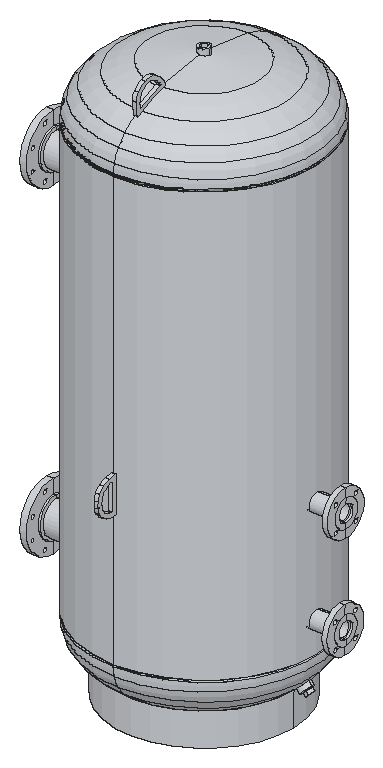
Revit family "HBT-210-24", category Generic Models, Revit 2014
Parameters (values of type "HBT-210-22")
  height [instance] = 75"
  URL = "http://westank.com/"
  Tank Volume = 210 gal
  Part Number = 55642122
  Model = "HBT-210-22"
  Maximum Shipping Weight = 408 lbf
  G = 14"
  F = 28"
  E = 58"
  Description = "Wessels ASME 4 Port Hot Water Buffer Tanks (HBT) are designed for use with today’s high efficiency systems that incorporate small modular low-mass boiler."
  D = 76 1/2"
  C = 30"
  B = 4"
  A = 2"
Reference planes (in)
  plane 1 "Center (Front/Back)": y = 0
  plane 2: z = 0
  plane 3 "Center (Left/Right)": x = 0
  plane 4: through (12.55282, -180, 5.24135) normal (0.8192, 0, -0.5736)
  plane 5: x = -15
  plane 6: x = 15
  plane 7: z = 0
  plane 8: y = 15
  plane 9: y = -15
  plane 10: x = -12
  plane 11: x = 12
  plane 12: z = 76.5
  plane 13: z = 58
  plane 14: z = 28
  plane 15: z = 14
Forms (in)
  Revolve 1, solid
    sketch origin (0, -0.02461, 0) x (0, 1, 0) y (0, 0, 1)
      loop
        line (-14.97539, 9.87397) -> (-14.812, 9.87397)
        arc (-14.812, 9.87397) -> (-14.83596, 9.78454) -> (-14.90143, 9.71907) r 0.17887
        arc (-14.90143, 9.71907) -> (-14.94991, 9.64836) -> (-14.97579, 9.56662) r 0.29232
        arc (-14.97579, 9.56662) -> (-14.96586, 8.98455) -> (-14.89468, 8.40676) r 5.51955
        arc (-14.89468, 8.40676) -> (-14.65184, 7.56116) -> (-14.23912, 6.78419) r 4.22443
        arc (-14.23912, 6.78419) -> (-13.71208, 6.0842) -> (-13.11424, 5.44361) r 8.30764
        arc (-13.11424, 5.44361) -> (-11.99363, 4.5369) -> (-10.73315, 3.83755) r 8.30764
        arc (-10.73315, 3.83755) -> (-9.02248, 3.06195) -> (-7.23223, 2.49367) r 15.88746
        arc (-7.23223, 2.49367) -> (-3.63165, 1.79117) -> (0.02461, 1.49214) r 33.04234
        line (0.02461, 1.49214) -> (0.02461, 1.66407)
        arc (0.02461, 1.66407) -> (-3.61037, 1.96174) -> (-7.19, 2.66027) r 32.87047
        arc (-7.19, 2.66027) -> (-8.96351, 3.22342) -> (-10.65802, 3.99223) r 15.71558
        arc (-10.65802, 3.99223) -> (-11.8952, 4.67783) -> (-12.99495, 5.56734) r 8.13577
        arc (-12.99495, 5.56734) -> (-13.58042, 6.19468) -> (-14.09655, 6.88019) r 8.13577
        arc (-14.09655, 6.88019) -> (-14.49248, 7.62554) -> (-14.72544, 8.43674) r 4.05256
        arc (-14.72544, 8.43674) -> (-14.79395, 8.9901) -> (-14.80447, 9.54759) r 5.34767
        arc (-14.80447, 9.54759) -> (-14.7971, 9.56945) -> (-14.78569, 9.5895) r 0.12044
        arc (-14.78569, 9.5895) -> (-14.67439, 9.72277) -> (-14.64064, 9.89308) r 0.35074
        line (-14.64064, 9.89308) -> (-14.84715, 9.89308) -> (-14.84715, 68.08845) -> (-14.64151, 68.08845)
        arc (-14.64151, 68.08845) -> (-14.67184, 68.26539) -> (-14.78573, 68.40415) r 0.35074
        arc (-14.78573, 68.40415) -> (-14.79712, 68.42419) -> (-14.80449, 68.44604) r 0.12045
        arc (-14.80449, 68.44604) -> (-14.79397, 69.00353) -> (-14.72546, 69.55689) r 5.34768
        arc (-14.72546, 69.55689) -> (-14.4925, 70.36809) -> (-14.09657, 71.11345) r 4.05257
        arc (-14.09657, 71.11345) -> (-13.58043, 71.79896) -> (-12.99497, 72.42629) r 8.13578
        arc (-12.99497, 72.42629) -> (-11.89524, 73.3158) -> (-10.65807, 74.00139) r 8.13578
        arc (-10.65807, 74.00139) -> (-8.96355, 74.7702) -> (-7.19005, 75.33334) r 15.71558
        arc (-7.19005, 75.33334) -> (-3.61055, 76.03185) -> (0.02429, 76.32953) r 32.87045
        line (0.02429, 76.32953) -> (0.02429, 76.50327)
        arc (0.02429, 76.50327) -> (-3.63245, 76.20423) -> (-7.2335, 75.50163) r 33.04334
        arc (-7.2335, 75.50163) -> (-9.02402, 74.93324) -> (-10.73493, 74.15749) r 15.88853
        arc (-10.73493, 74.15749) -> (-11.99625, 73.45773) -> (-13.11754, 72.55039) r 8.30893
        arc (-13.11754, 72.55039) -> (-13.7162, 71.90895) -> (-14.24389, 71.20796) r 8.30923
        arc (-14.24389, 71.20796) -> (-14.65697, 70.43051) -> (-14.90005, 69.58436) r 4.22701
        arc (-14.90005, 69.58436) -> (-14.97148, 69.00383) -> (-14.98111, 68.419) r 5.52257
        arc (-14.98111, 68.419) -> (-14.95423, 68.33262) -> (-14.90267, 68.25829) r 0.29803
        arc (-14.90267, 68.25829) -> (-14.837, 68.19126) -> (-14.81302, 68.10054) r 0.18362
        line (-14.81302, 68.10054) -> (-14.97539, 68.10054) -> (-14.97539, 9.87397)
      axis (0.02461, 1.49214) -> (0.02461, 76.50327)
    angle from 0 to 360
  Revolve 2, solid
    sketch origin (-1.82085, 0, 2.88409) x (0.981353, 0, -0.192215) y (0.192215, 0, 0.981353)
      loop
        line (14.71753, 6.11956) -> (14.66586, 6.1556) -> (14.25436, 5.56561) -> (14.86992, 5.13627) -> (15.24588, 5.6753) -> (15.19462, 5.71106) -> (15.31904, 5.88945) -> (14.80641, 6.24699) -> (14.71753, 6.11956)
      axis (14.25436, 5.56561) -> (14.86992, 5.13627)
    angle from 0 to 360
  Extrusion 3, solid
    sketch origin (13.38203, -180, 6.13049) x (0.718765, 0, 0.695254) y (0, -1, 0)
      loop
        line (-0.16036, -179.52645) -> (-0.95521, -179.68698) -> (-0.79485, -180.48095) -> (0, -180.32042) -> (-0.16036, -179.52645)
    from 1.02698 to 1.52678
  Extrusion 4, solid
    sketch origin (0, -3.06035, 6.47257) x (0, 1, 0) y (0, 0, 1)
      loop
        line (-11.93439, 21.33067) -> (-11.93439, 26.202)
        arc (-11.93439, 26.202) -> (-12.47846, 26.15164) -> (-13.01533, 26.05008) r 5.77422
        arc (-13.01533, 26.05008) -> (-13.49297, 25.89754) -> (-13.94252, 25.67548) r 3.35288
        arc (-13.94252, 25.67548) -> (-14.34081, 25.36666) -> (-14.64962, 24.96837) r 2.0073
        arc (-14.64962, 24.96837) -> (-14.80343, 24.58932) -> (-14.88788, 24.18906) r 2.30742
        arc (-14.88788, 24.18906) -> (-14.91277, 23.77188) -> (-14.88788, 23.3547) r 3.50846
        arc (-14.88788, 23.3547) -> (-14.79412, 22.92876) -> (-14.61961, 22.52904) r 2.24053
        arc (-14.61961, 22.52904) -> (-14.27401, 22.08806) -> (-13.80999, 21.77406) r 1.8078
        arc (-13.80999, 21.77406) -> (-13.34321, 21.55591) -> (-12.84107, 21.44044) r 2.44481
        arc (-12.84107, 21.44044) -> (-12.39043, 21.36326) -> (-11.93439, 21.33067) r 4.65484
      loop
        arc (-12.44611, 25.63929) -> (-12.67227, 25.60073) -> (-12.89654, 25.55235) r 5.2625
        arc (-12.89654, 25.55235) -> (-13.30128, 25.42308) -> (-13.68221, 25.23491) r 2.84116
        arc (-13.68221, 25.23491) -> (-13.97364, 25.01013) -> (-14.20134, 24.72098) r 1.49558
        arc (-14.20134, 24.72098) -> (-14.3163, 24.43235) -> (-14.37979, 24.12821) r 1.7957
        arc (-14.37979, 24.12821) -> (-14.40106, 23.77188) -> (-14.37979, 23.41555) r 2.99674
        arc (-14.37979, 23.41555) -> (-14.30745, 23.08689) -> (-14.17279, 22.77846) r 1.72881
        arc (-14.17279, 22.77846) -> (-13.91552, 22.45353) -> (-13.56884, 22.22643) r 1.29608
        arc (-13.56884, 22.22643) -> (-13.1779, 22.0402) -> (-12.75531, 21.94566) r 1.9331
        arc (-12.75531, 21.94566) -> (-12.60126, 21.91347) -> (-12.44611, 21.88716) r 4.14312
        line (-12.44611, 21.88716) -> (-12.44611, 25.63929)
    from -0.24366 to 0.25634
  Extrusion 5, solid
    sketch origin (0, -27.02284, 55.17934) x (0, 0.366501, -0.930418) y (0, 0.930418, 0.366501)
      loop
        arc (-12.0461, 25.71684) -> (-12.27227, 25.67827) -> (-12.49653, 25.62989) r 5.2625
        arc (-12.49653, 25.62989) -> (-12.90127, 25.50063) -> (-13.28221, 25.31246) r 2.84116
        arc (-13.28221, 25.31246) -> (-13.57363, 25.08767) -> (-13.80134, 24.79853) r 1.49558
        arc (-13.80134, 24.79853) -> (-13.9163, 24.50989) -> (-13.97979, 24.20576) r 1.7957
        arc (-13.97979, 24.20576) -> (-14.00105, 23.84943) -> (-13.97979, 23.4931) r 2.99674
        arc (-13.97979, 23.4931) -> (-13.90744, 23.16443) -> (-13.77279, 22.85601) r 1.72881
        arc (-13.77279, 22.85601) -> (-13.51552, 22.53108) -> (-13.16884, 22.30397) r 1.29608
        arc (-13.16884, 22.30397) -> (-12.77789, 22.11774) -> (-12.35531, 22.02321) r 1.9331
        arc (-12.35531, 22.02321) -> (-12.20126, 21.99102) -> (-12.0461, 21.9647) r 4.14312
        line (-12.0461, 21.9647) -> (-12.0461, 25.71684)
      loop
        line (-11.21056, 21.38893) -> (-11.21056, 26.21559)
        arc (-11.21056, 26.21559) -> (-12.19615, 26.22001) -> (-13.14349, 25.94808) r 3.48194
        arc (-13.14349, 25.94808) -> (-13.66357, 25.64991) -> (-14.11481, 25.25524) r 3.03185
        arc (-14.11481, 25.25524) -> (-14.39878, 24.60234) -> (-14.51622, 23.90011) r 2.91879
        arc (-14.51622, 23.90011) -> (-14.4511, 23.22451) -> (-14.20241, 22.59298) r 2.44012
        arc (-14.20241, 22.59298) -> (-13.8323, 22.13222) -> (-13.33474, 21.8133) r 1.83162
        arc (-13.33474, 21.8133) -> (-12.29509, 21.48877) -> (-11.21056, 21.38893) r 5.1769
    from -0.24366 to 0.25634
  Extrusion 6, solid
    sketch origin (0, 0, 4.66708) x (1, 0, 0) y (0, 1, 0)
      loop
        circle (0, 0) r 0.75
      loop
        circle (0, 0) r 0.5
    from 71.36613 to 72.49354
  Extrusion 7, void
    sketch origin (0, 0, 0) x (1, 0, 0) y (0, 1, 0)
      loop
        circle (0, 0) r 0.5
    from 73.75623 to 77.96974
  Revolve 8, solid
    sketch origin (0, 0, 0) x (1, 0, 0) y (0, 0, 1)
      loop
        line (11.87609, 4.44941) -> (11.87609, 0) -> (12, 0) -> (12, 4.44941) -> (11.87609, 4.44941)
      axis (0, 4.44941) -> (0, 0)
    angle from 0 to 360
  Revolve 9, solid
    sketch origin (-7.11882, 0, 1.28348) x (1, 0, 0) y (0, 0, 1)
      loop
        line (24.99382, 11.53157) -> (24.99382, 10.96875) -> (25.24382, 10.96875) -> (25.24382, 9.71837) -> (25.93132, 9.71837) -> (25.93132, 10.90594) -> (25.99382, 10.90594) -> (25.99382, 11.53157) -> (24.99382, 11.53157)
      axis (25.99382, 12.71652) -> (24.99382, 12.71652)
    angle from 0 to 360
  Revolve 10, solid
    sketch origin (-5.17131, 0, 1.5) x (-1, 0, 0) y (0, 0, -1)
      loop
        line (-17.17131, -11.46847) -> (-17.17131, -11.31445) -> (-23.67131, -11.31445) -> (-23.67131, -11.46847) -> (-17.17131, -11.46847)
      axis (-23.67131, -12.5) -> (-17.17131, -12.5)
    angle from 0 to 360
  Extrusion 11, void
    sketch origin (2.87592, 0, 1.00195) x (0, 1, 0) y (0, 0, 1)
      loop
        circle (1.68454, 14.67389) r 0.38273
      loop
        circle (-1.69766, 14.67389) r 0.37635
      loop
        circle (-1.66641, 11.31003) r 0.35289
      loop
        circle (1.70166, 11.31003) r 0.37084
    from 13.49462 to 18.49167
  Revolve 12, solid
    sketch origin (-7.05645, 0, 15.28348) x (1, 0, 0) y (0, 0, 1)
      loop
        line (24.99382, 11.53157) -> (24.99382, 10.96875) -> (25.24382, 10.96875) -> (25.24382, 9.71837) -> (25.93132, 9.71837) -> (25.93132, 10.90594) -> (25.99382, 10.90594) -> (25.99382, 11.53157) -> (24.99382, 11.53157)
      axis (25.99382, 12.71652) -> (24.99382, 12.71652)
    angle from 0 to 360
  Revolve 13, solid
    sketch origin (-5.10894, 0, 15.5) x (-1, 0, 0) y (0, 0, -1)
      loop
        line (-17.17131, -11.46847) -> (-17.17131, -11.31445) -> (-23.67131, -11.31445) -> (-23.67131, -11.46847) -> (-17.17131, -11.46847)
      axis (-23.67131, -12.5) -> (-17.17131, -12.5)
    angle from 0 to 360
  Extrusion 14, void
    sketch origin (2.93829, 0, 15.00195) x (0, 1, 0) y (0, 0, 1)
      loop
        circle (1.68454, 14.67389) r 0.38273
      loop
        circle (-1.69766, 14.67389) r 0.37635
      loop
        circle (-1.66641, 11.31003) r 0.35289
      loop
        circle (1.70166, 11.31003) r 0.37084
    from 13.49462 to 18.49167
  Extrusion 15, void
    sketch origin (0.96338, 0, 4.24902) x (0, 1, 0) y (0, 0, 1)
      loop
        circle (0, 23.75098) r 1.03153
    from 10.06157 to 17.27456
  Extrusion 16, void
    sketch origin (0, 0.03125, -1) x (0, 1, 0) y (0, 0, -1)
      loop
        circle (1.41194, -18.46116) r 0.39528
      loop
        circle (-1.48216, -18.49179) r 0.36756
      loop
        circle (-3.49908, -16.427) r 0.3574
      loop
        circle (-3.54543, -13.60383) r 0.30655
      loop
        circle (-1.46836, -11.53644) r 0.36497
      loop
        circle (1.42021, -11.50824) r 0.37383
      loop
        circle (3.46604, -13.56204) r 0.36477
      loop
        circle (3.43053, -16.44163) r 0.37216
    from 16.01613 to 23.68526
  Revolve 17, solid
    sketch origin (2.37971, 0, -0.50137) x (-1, 0, 0) y (0, 0, 1)
      loop
        line (22.06921, 12.25118) -> (22.06921, 11.84382) -> (22.44538, 11.84382) -> (22.44538, 9.99677) -> (23.31921, 9.99677) -> (23.31921, 11.40623) -> (23.38171, 11.40623) -> (23.38171, 12.25118) -> (22.06921, 12.25118)
      axis (23.38171, 14.50013) -> (22.06921, 14.50013)
    angle from 0 to 360
  Revolve 18, solid
    sketch origin (2.37971, 0, -0.50137) x (1, 0, 0) y (0, 0, 1)
      loop
        line (-16.50671, 12.48708) -> (-23.00671, 12.48708) -> (-23.00671, 12.24889) -> (-16.50671, 12.24889) -> (-16.50671, 12.48708)
      axis (-23.00671, 14.50013) -> (-16.50671, 14.50013)
    angle from 0 to 360
  Extrusion 19, void
    sketch origin (0.00049, 0.03125, 43.00248) x (0, 1, 0) y (0, 0, -1)
      loop
        circle (1.41194, -18.46116) r 0.39528
      loop
        circle (-1.48216, -18.49179) r 0.36756
      loop
        circle (-3.49908, -16.427) r 0.3574
      loop
        circle (-3.54543, -13.60383) r 0.30655
      loop
        circle (-1.46836, -11.53644) r 0.36497
      loop
        circle (1.42021, -11.50824) r 0.37383
      loop
        circle (3.46604, -13.56204) r 0.36477
      loop
        circle (3.43053, -16.44163) r 0.37216
    from 16.01613 to 23.68526
  Revolve 20, solid
    sketch origin (2.38019, 0, 43.50111) x (-1, 0, 0) y (0, 0, 1)
      loop
        line (22.06921, 12.25118) -> (22.06921, 11.84382) -> (22.44538, 11.84382) -> (22.44538, 9.99677) -> (23.31921, 9.99677) -> (23.31921, 11.40623) -> (23.38171, 11.40623) -> (23.38171, 12.25118) -> (22.06921, 12.25118)
      axis (23.38171, 14.50013) -> (22.06921, 14.50013)
    angle from 0 to 360
  Revolve 21, solid
    sketch origin (2.38019, 0, 43.50111) x (1, 0, 0) y (0, 0, 1)
      loop
        line (-16.50671, 12.48708) -> (-23.00671, 12.48708) -> (-23.00671, 12.24889) -> (-16.50671, 12.24889) -> (-16.50671, 12.48708)
      axis (-23.00671, 14.50013) -> (-16.50671, 14.50013)
    angle from 0 to 360
  Extrusion 22, void
    sketch origin (0.96338, 0, -9.75098) x (0, 1, 0) y (0, 0, 1)
      loop
        circle (0, 23.75098) r 1.03153
    from 10.06157 to 17.27456
  Extrusion 23, void
    sketch origin (0, 0, 0) x (0, 1, 0) y (0, 0, 1)
      loop
        circle (0, 58.00124) r 2.01305
    from -20.627 to -8.6064
  Extrusion 24, void
    sketch origin (0, 0, -44) x (0, 1, 0) y (0, 0, 1)
      loop
        circle (0, 58.00124) r 2.01305
    from -20.627 to -8.6064
Cuts and joins
  joined: Extrusion 3, Extrusion 4, Extrusion 5, Extrusion 6, Revolve 8
  Extrusion 7, Extrusion 15, Extrusion 22, Extrusion 23, Extrusion 24 cuts Revolve 1
  Extrusion 11 cuts Revolve 9
  Extrusion 14 cuts Revolve 12
  Extrusion 15, Extrusion 22 cuts Revolve 13
  Extrusion 16 cuts Revolve 17
  Extrusion 19 cuts Revolve 20
  Extrusion 24 cuts Revolve 21
Dimensions and locks (in)
  "D": plane 12 to level
  "E": plane 13 to plane 7
  "F": plane 14 to plane 7
  "G": plane 15 to plane 7
  "C": plane 6 to plane 5
  aligned and locked: plane 2 to level
  aligned and locked: Revolve 8 sketch curve to plane 3 "Center (Left/Right)"
Automatic sketch dimensions
  Revolve 1 sketch curve to Revolve 1 sketch curve = 0"  (x33)
  Revolve 1 sketch curve to plane 9 = 0"
  Revolve 1 sketch curve to plane 1 "Center (Front/Back)" = 0"  (x2)
  Revolve 1 sketch curve to Revolve 1 sketch curve = 0.01547"
  plane 9 to Revolve 1 sketch curve = 0.01547"
  Revolve 1 sketch curve to Revolve 1 sketch curve = 0.00578"
  Revolve 1 sketch curve to plane 9 = 0.12824"
  Revolve 1 sketch curve to Revolve 1 sketch curve = 0.03413"
  Revolve 1 sketch curve to Revolve 1 sketch curve = 9/256"
  Revolve 1 sketch curve to plane 9 = 0.28821"
  Revolve 1 sketch curve to plane 9 = 0.28822"
  Revolve 1 sketch curve to Revolve 1 sketch curve = 0.00078"
  Revolve 1 sketch curve to Revolve 1 sketch curve = 0.17151"
  Revolve 1 sketch curve to Revolve 1 sketch curve = 0.17135"
  Revolve 1 sketch curve to Revolve 1 sketch curve = 3.94929"
  Revolve 1 sketch curve to Revolve 1 sketch curve = 0.00287"
  Revolve 1 sketch curve to Revolve 1 sketch curve = 3.95216"
  Revolve 1 sketch curve to Revolve 1 sketch curve = 1.2728"
  Revolve 1 sketch curve to Revolve 1 sketch curve = 0.00246"
  Revolve 1 sketch curve to Revolve 1 sketch curve = 1.27526"
  Revolve 1 sketch curve to Revolve 1 sketch curve = 2.11145"
  Revolve 1 sketch curve to Revolve 1 sketch curve = 0.00084"
  Revolve 1 sketch curve to Revolve 1 sketch curve = 0.00187"
  Revolve 1 sketch curve to Revolve 1 sketch curve = 2.11171"
  plane 1 "Center (Front/Back)" to Revolve 1 sketch curve = 3.35442"
  Revolve 1 sketch curve to Revolve 1 sketch curve = 0.00082"
  plane 1 "Center (Front/Back)" to Revolve 1 sketch curve = 3.35353"
  plane 1 "Center (Front/Back)" to Revolve 1 sketch curve = 0.00031"
  Revolve 1 sketch curve to plane 1 "Center (Front/Back)" = 0.86039"
  Revolve 1 sketch curve to Revolve 1 sketch curve = 0.00067"
  Revolve 1 sketch curve to plane 1 "Center (Front/Back)" = 0.86116"
  level to Revolve 1 sketch curve = 1.49214"
  Revolve 1 sketch curve to Revolve 1 sketch curve = 0.17193"
  Revolve 1 sketch curve to plane 15 = 4.85634"
  Revolve 1 sketch curve to Revolve 1 sketch curve = 0.22592"
  Revolve 1 sketch curve to Revolve 1 sketch curve = 0.37656"
  Revolve 1 sketch curve to Revolve 1 sketch curve = 0.35376"
  Revolve 1 sketch curve to Revolve 1 sketch curve = 0.01911"  (x2)
  Revolve 1 sketch curve to plane 15 = 2.57575"
  plane 15 to Revolve 1 sketch curve = 3.89417"
  plane 14 to Revolve 1 sketch curve = 6.52326"
  Revolve 1 sketch curve to Revolve 1 sketch curve = 8.94711"
  Revolve 1 sketch curve to Revolve 1 sketch curve = 0.00077"
  plane 13 to Revolve 1 sketch curve = 2.09944"
  Revolve 1 sketch curve to Revolve 1 sketch curve = 0.00068"
  Revolve 1 sketch curve to Revolve 1 sketch curve = 6.46799"
  Revolve 1 sketch curve to Revolve 1 sketch curve = 0.00123"
  Revolve 1 sketch curve to Revolve 1 sketch curve = 0.00005"
  Revolve 1 sketch curve to Revolve 1 sketch curve = 1.52034"
  Revolve 1 sketch curve to Revolve 1 sketch curve = 0.01209"
  Revolve 1 sketch curve to Revolve 1 sketch curve = 0.3749"
  Revolve 1 sketch curve to Revolve 1 sketch curve = 0.01007"
  Revolve 1 sketch curve to Revolve 1 sketch curve = 2.05124"
  Revolve 1 sketch curve to Revolve 1 sketch curve = 0.00348"
  Revolve 1 sketch curve to Revolve 1 sketch curve = 0.2261"
  Revolve 1 sketch curve to Revolve 1 sketch curve = 0.0033"
  Revolve 1 sketch curve to plane 12 = 0.17047"
  plane 12 to Revolve 1 sketch curve = 0.00327"
  plane 9 to Revolve 1 sketch curve = 0.0004"
  plane 9 to Revolve 1 sketch curve = 0.00572"
  Revolve 1 sketch curve to plane 9 = 0.07272"
  Revolve 1 sketch curve to plane 9 = 0.07396"
  Revolve 1 sketch curve to Revolve 1 sketch curve = 0.11808"
  Revolve 1 sketch curve to Revolve 1 sketch curve = 0.11729"
  Revolve 1 sketch curve to Revolve 1 sketch curve = 0.01876"
  Revolve 1 sketch curve to Revolve 1 sketch curve = 0.01878"
  Revolve 1 sketch curve to Revolve 1 sketch curve = 0.14732"
  Revolve 1 sketch curve to Revolve 1 sketch curve = 0.97903"
  Revolve 1 sketch curve to Revolve 1 sketch curve = 0.98231"
  Revolve 1 sketch curve to Revolve 1 sketch curve = 0.12257"
  Revolve 1 sketch curve to Revolve 1 sketch curve = 0.1193"
  Revolve 1 sketch curve to plane 12 = 2.34251"
  Revolve 1 sketch curve to Revolve 1 sketch curve = 2.26179"
  Revolve 1 sketch curve to Revolve 1 sketch curve = 0.07686"
  Revolve 1 sketch curve to Revolve 1 sketch curve = 0.07513"
  plane 14 to Revolve 1 sketch curve = 0.89308"
  Revolve 1 sketch curve to Revolve 1 sketch curve = 1.88017"
  plane 4 to Revolve 2 sketch curve = 0.35169"
  plane 11 to Revolve 2 sketch curve = 1.2375"
  Revolve 2 sketch curve to Revolve 2 sketch curve = 0.4115"
  Revolve 2 sketch curve to Revolve 2 sketch curve = 0.05167"
  Revolve 2 sketch curve to Revolve 2 sketch curve = 0.08888"
  Revolve 2 sketch curve to Revolve 2 sketch curve = 0.61556"
  Revolve 2 sketch curve to Revolve 2 sketch curve = 0.47709"
  Revolve 2 sketch curve to Revolve 2 sketch curve = 0.05126"
  Revolve 2 sketch curve to Revolve 2 sketch curve = 0.42934"
  Revolve 2 sketch curve to Revolve 2 sketch curve = 0.12768"
  Revolve 2 sketch curve to Revolve 2 sketch curve = 0"  (x2)
  Revolve 2 sketch curve to Revolve 2 sketch curve = 0.08905"
  plane 1 "Center (Front/Back)" to Extrusion 3 sketch curve = 0.31302"
  Extrusion 3 sketch curve to plane 1 "Center (Front/Back)" = 0.48095"
  Extrusion 3 sketch curve to Extrusion 3 sketch curve = 0.16036"  (x2)
  plane 1 "Center (Front/Back)" to Extrusion 3 sketch curve = 0.47355"
  Extrusion 3 sketch curve to Extrusion 3 sketch curve = 0.79485"
  Extrusion 3 sketch curve to plane 1 "Center (Front/Back)" = 0.32042"
  Extrusion 4 sketch curve to Extrusion 4 sketch curve = 0"  (x24)
  plane 9 to Extrusion 4 sketch curve = 1.10144"
  Extrusion 4 sketch curve to Extrusion 4 sketch curve = 0.11966"
  Extrusion 4 sketch curve to Extrusion 4 sketch curve = 0.25819"
  Extrusion 4 sketch curve to Extrusion 4 sketch curve = 17/256"
  Extrusion 4 sketch curve to Extrusion 4 sketch curve = 0.04958"
  plane 9 to Extrusion 4 sketch curve = 0.50646"
  plane 9 to Extrusion 4 sketch curve = 0.29731"
  Extrusion 4 sketch curve to plane 9 = 0.00526"
  Extrusion 4 sketch curve to plane 9 = 0.10864"
  Extrusion 4 sketch curve to plane 9 = 0.26481"
  Extrusion 4 sketch curve to plane 9 = 0.53533"
  Extrusion 4 sketch curve to plane 14 = 1.09381"
  Extrusion 4 sketch curve to plane 14 = 0.19675"
  plane 14 to Extrusion 4 sketch curve = 0.35973"
  Extrusion 4 sketch curve to Extrusion 4 sketch curve = 0.90165"
  Extrusion 4 sketch curve to Extrusion 4 sketch curve = 0.62139"
  Extrusion 4 sketch curve to Extrusion 4 sketch curve = 27/128"
  Extrusion 4 sketch curve to Extrusion 4 sketch curve = 0.15076"
  Extrusion 4 sketch curve to Extrusion 4 sketch curve = 0.24641"
  Extrusion 4 sketch curve to Extrusion 4 sketch curve = 0.04716"
  Extrusion 4 sketch curve to Extrusion 4 sketch curve = 0.0326"
  Extrusion 4 sketch curve to Extrusion 4 sketch curve = 1.7246"
  Extrusion 4 sketch curve to Extrusion 4 sketch curve = 0.34507"
  Extrusion 4 sketch curve to Extrusion 4 sketch curve = 0.21764"
  plane 14 to Extrusion 4 sketch curve = 0.699"
  Extrusion 4 sketch curve to Extrusion 4 sketch curve = 1.12273"
  Extrusion 4 sketch curve to Extrusion 4 sketch curve = 0.78568"
  plane 14 to Extrusion 4 sketch curve = 0.24664"
  Extrusion 4 sketch curve to Extrusion 4 sketch curve = 0.24115"
  Extrusion 4 sketch curve to Extrusion 4 sketch curve = 0.2603"
  Extrusion 4 sketch curve to Extrusion 4 sketch curve = 0.51913"
  Extrusion 4 sketch curve to Extrusion 4 sketch curve = 0.44829"
  Extrusion 5 sketch curve to plane 12 = 0.95088"
  Extrusion 5 sketch curve to plane 9 = 5.19759"
  Extrusion 5 sketch curve to Extrusion 5 sketch curve = 0.03301"
  Extrusion 5 sketch curve to Extrusion 5 sketch curve = 0.08665"
  Extrusion 5 sketch curve to Extrusion 5 sketch curve = 0.34483"
  Extrusion 5 sketch curve to Extrusion 5 sketch curve = 17/256"
  Extrusion 5 sketch curve to Extrusion 5 sketch curve = 0.04958"
  Extrusion 5 sketch curve to Extrusion 5 sketch curve = 0.06885"
  Extrusion 5 sketch curve to Extrusion 5 sketch curve = 0.15073"
  Extrusion 5 sketch curve to Extrusion 5 sketch curve = 0.36028"
  Extrusion 5 sketch curve to Extrusion 5 sketch curve = 0.06601"
  Extrusion 5 sketch curve to Extrusion 5 sketch curve = 0.11815"
  Extrusion 5 sketch curve to Extrusion 5 sketch curve = 0.47821"
  Extrusion 5 sketch curve to Extrusion 5 sketch curve = 0.6151"
  Extrusion 5 sketch curve to Extrusion 5 sketch curve = 0.15011"
  Extrusion 5 sketch curve to Extrusion 5 sketch curve = 0.77126"
  Extrusion 5 sketch curve to Extrusion 5 sketch curve = 0.22045"
  Extrusion 5 sketch curve to Extrusion 5 sketch curve = 0.59588"
  Extrusion 5 sketch curve to Extrusion 5 sketch curve = 0.3061"
  Extrusion 5 sketch curve to Extrusion 5 sketch curve = 0.31529"
  Extrusion 5 sketch curve to Extrusion 5 sketch curve = 0.0954"
  Extrusion 5 sketch curve to Extrusion 5 sketch curve = 0.80625"
  Extrusion 5 sketch curve to Extrusion 5 sketch curve = 0.57577"
  Extrusion 5 sketch curve to Extrusion 5 sketch curve = 0.87777"
  Extrusion 5 sketch curve to Extrusion 5 sketch curve = 0.00686"
  Extrusion 5 sketch curve to Extrusion 5 sketch curve = 0.20406"
  Extrusion 5 sketch curve to Extrusion 5 sketch curve = 0.59172"
  Extrusion 5 sketch curve to Extrusion 5 sketch curve = 0.09548"
  Extrusion 5 sketch curve to Extrusion 5 sketch curve = 0.07607"
  Extrusion 5 sketch curve to Extrusion 5 sketch curve = 0.15093"
  Extrusion 5 sketch curve to Extrusion 5 sketch curve = 0.04716"
  Extrusion 5 sketch curve to Extrusion 5 sketch curve = 0.0326"
  Extrusion 5 sketch curve to Extrusion 5 sketch curve = 1.7246"
  Extrusion 5 sketch curve to Extrusion 5 sketch curve = 0.34507"
  Extrusion 5 sketch curve to Extrusion 5 sketch curve = 0.15369"
  Extrusion 5 sketch curve to Extrusion 5 sketch curve = 0.34976"
  Extrusion 5 sketch curve to Extrusion 5 sketch curve = 0"  (x6)
  Extrusion 5 sketch curve to Extrusion 5 sketch curve = 0.1659"
  Extrusion 5 sketch curve to Extrusion 5 sketch curve = 0.13872"
  Extrusion 5 sketch curve to Extrusion 5 sketch curve = 0.42962"
  Extrusion 5 sketch curve to Extrusion 5 sketch curve = 0.51913"
  Extrusion 5 sketch curve to Extrusion 5 sketch curve = 0.31348"
  Extrusion 6 sketch curve to Extrusion 6 sketch curve = 0"  (x2)
  plane 1 "Center (Front/Back)" to Extrusion 6 sketch curve = 0"
  Extrusion 6 sketch curve to plane 3 "Center (Left/Right)" = 0"
  Extrusion 7 sketch curve to Extrusion 7 sketch curve = 0"  (x2)
  plane 1 "Center (Front/Back)" to Extrusion 7 sketch curve = 0"
  Extrusion 7 sketch curve to plane 3 "Center (Left/Right)" = 0"
  Extrusion 7 sketch curve to plane 3 "Center (Left/Right)" = 1/2"
  Revolve 8 sketch curve to level = 0"
  Revolve 8 sketch curve to plane 11 = 0"
  Revolve 8 sketch curve to plane 11 = 0.12391"
  level to Revolve 8 sketch curve = 4.44941"
  level to Revolve 8 sketch curve = 4.69941"
  Revolve 8 sketch curve to Revolve 8 sketch curve = 1"
  Revolve 9 sketch curve to plane 15 = 0"
  Revolve 9 sketch curve to plane 11 = 0"
  plane 6 to Revolve 9 sketch curve = 2 7/8"
  Revolve 9 sketch curve to Revolve 9 sketch curve = 1/4"
  Revolve 9 sketch curve to Revolve 9 sketch curve = 11/16"
  Revolve 9 sketch curve to Revolve 9 sketch curve = 1/16"
  Revolve 9 sketch curve to plane 15 = 1.18495"
  Revolve 9 sketch curve to Revolve 9 sketch curve = 0.56282"
  Revolve 9 sketch curve to Revolve 9 sketch curve = 0.62563"
  Revolve 9 sketch curve to Revolve 9 sketch curve = 1.25038"
  plane 3 "Center (Left/Right)" to Revolve 9 sketch curve = 4 3/4"
  Revolve 10 sketch curve to plane 11 = 0"
  Revolve 10 sketch curve to plane 15 = 0"
  Revolve 10 sketch curve to plane 15 = 1.03153"
  plane 6 to Revolve 10 sketch curve = 3 1/2"
  Revolve 10 sketch curve to Revolve 10 sketch curve = 0.15401"
  Revolve 10 sketch curve to plane 11 = 1/4"
  Revolve 10 sketch curve to Revolve 10 sketch curve = 3/4"
  plane 1 "Center (Front/Back)" to Extrusion 11 sketch curve = 1.69766"
  plane 1 "Center (Front/Back)" to Extrusion 11 sketch curve = 1.66641"
  Extrusion 11 sketch curve to plane 1 "Center (Front/Back)" = 1.68454"
  Extrusion 11 sketch curve to plane 1 "Center (Front/Back)" = 1.70166"
  Extrusion 11 sketch curve to plane 15 = 1.68801"  (x2)
  plane 15 to Extrusion 11 sketch curve = 1.67584"  (x2)
  Revolve 12 sketch curve to plane 14 = 0"
  plane 6 to Revolve 12 sketch curve = 2.93736"
  Revolve 12 sketch curve to Revolve 12 sketch curve = 1/4"
  Revolve 12 sketch curve to Revolve 12 sketch curve = 11/16"
  Revolve 12 sketch curve to Revolve 12 sketch curve = 1/16"
  Revolve 12 sketch curve to plane 14 = 1.18495"
  Revolve 12 sketch curve to Revolve 12 sketch curve = 0.56282"
  Revolve 12 sketch curve to Revolve 12 sketch curve = 0.62563"
  Revolve 12 sketch curve to Revolve 12 sketch curve = 1.25038"
  plane 11 to Revolve 12 sketch curve = 0.06237"
  plane 3 "Center (Left/Right)" to Revolve 12 sketch curve = 4.81237"
  Revolve 13 sketch curve to plane 14 = 0"
  Revolve 13 sketch curve to plane 14 = 1.03153"
  plane 6 to Revolve 13 sketch curve = 3.56237"
  plane 11 to Revolve 13 sketch curve = 0.06237"
  Revolve 13 sketch curve to Revolve 13 sketch curve = 0.15401"
  Revolve 13 sketch curve to plane 11 = 0.18763"
  Revolve 13 sketch curve to Revolve 13 sketch curve = 3/4"
  plane 1 "Center (Front/Back)" to Extrusion 14 sketch curve = 1.69766"
  plane 1 "Center (Front/Back)" to Extrusion 14 sketch curve = 1.66641"
  Extrusion 14 sketch curve to plane 1 "Center (Front/Back)" = 1.68454"
  Extrusion 14 sketch curve to plane 1 "Center (Front/Back)" = 1.70166"
  Extrusion 14 sketch curve to plane 14 = 1.68801"  (x2)
  plane 14 to Extrusion 14 sketch curve = 1.67584"  (x2)
  Extrusion 15 sketch curve to Extrusion 15 sketch curve = 0"  (x2)
  Extrusion 15 sketch curve to plane 1 "Center (Front/Back)" = 0"
  Extrusion 15 sketch curve to plane 14 = 0"
  Extrusion 15 sketch curve to plane 14 = 1.03153"
  Extrusion 16 sketch curve to plane 15 = 1.39617"
  plane 1 "Center (Front/Back)" to Extrusion 16 sketch curve = 3.51418"
  Extrusion 16 sketch curve to Extrusion 16 sketch curve = 0.04634"
  plane 1 "Center (Front/Back)" to Extrusion 16 sketch curve = 1.45091"
  plane 1 "Center (Front/Back)" to Extrusion 16 sketch curve = 1.43711"
  Extrusion 16 sketch curve to plane 1 "Center (Front/Back)" = 1.44319"
  Extrusion 16 sketch curve to plane 1 "Center (Front/Back)" = 1.45146"
  Extrusion 16 sketch curve to Extrusion 16 sketch curve = 2.01859"
  Extrusion 16 sketch curve to plane 15 = 1.43796"
  Extrusion 16 sketch curve to Extrusion 16 sketch curve = 0.03551"
  plane 15 to Extrusion 16 sketch curve = 1.427"
  plane 15 to Extrusion 16 sketch curve = 1.44163"
  Extrusion 16 sketch curve to Extrusion 16 sketch curve = 2 5/256"
  Extrusion 16 sketch curve to Extrusion 16 sketch curve = 2.0648"
  Extrusion 16 sketch curve to Extrusion 16 sketch curve = 2.06739"
  Extrusion 16 sketch curve to Extrusion 16 sketch curve = 0.0282"
  plane 5 to Revolve 17 sketch curve = 4.6895"
  Revolve 17 sketch curve to Revolve 17 sketch curve = 0.37617"
  Revolve 17 sketch curve to Revolve 17 sketch curve = 0.87383"
  Revolve 17 sketch curve to Revolve 17 sketch curve = 1/16"
  plane 15 to Revolve 17 sketch curve = 4.50461"
  Revolve 17 sketch curve to Revolve 17 sketch curve = 1.40947"
  Revolve 17 sketch curve to Revolve 17 sketch curve = 0.43758"
  Revolve 17 sketch curve to Revolve 17 sketch curve = 0.40737"
  plane 15 to Revolve 17 sketch curve = 0.00124"
  Revolve 17 sketch curve to plane 10 = 0.04892"
  Revolve 17 sketch curve to Revolve 17 sketch curve = 0.68278"
  Revolve 18 sketch curve to plane 15 = 2.01429"
  Revolve 18 sketch curve to plane 5 = 5.627"
  plane 5 to Revolve 18 sketch curve = 0.873"
  Revolve 18 sketch curve to Revolve 18 sketch curve = 0.23819"
  Revolve 18 sketch curve to plane 15 = 0.00124"
  Revolve 18 sketch curve to plane 10 = 0.10544"
  plane 10 to Revolve 18 sketch curve = 0.25471"
  Extrusion 19 sketch curve to plane 13 = 1.39369"
  plane 1 "Center (Front/Back)" to Extrusion 19 sketch curve = 3.51418"
  Extrusion 19 sketch curve to Extrusion 19 sketch curve = 0.04634"
  plane 1 "Center (Front/Back)" to Extrusion 19 sketch curve = 1.45091"
  plane 1 "Center (Front/Back)" to Extrusion 19 sketch curve = 1.43711"
  Extrusion 19 sketch curve to plane 1 "Center (Front/Back)" = 1.44319"
  Extrusion 19 sketch curve to plane 1 "Center (Front/Back)" = 1.45146"
  Extrusion 19 sketch curve to Extrusion 19 sketch curve = 2.01859"
  Extrusion 19 sketch curve to plane 13 = 1.43547"
  Extrusion 19 sketch curve to Extrusion 19 sketch curve = 0.03551"
  plane 13 to Extrusion 19 sketch curve = 1.42948"
  plane 13 to Extrusion 19 sketch curve = 1.44411"
  Extrusion 19 sketch curve to Extrusion 19 sketch curve = 2 5/256"
  Extrusion 19 sketch curve to Extrusion 19 sketch curve = 2.0648"
  Extrusion 19 sketch curve to Extrusion 19 sketch curve = 2.06739"
  Extrusion 19 sketch curve to Extrusion 19 sketch curve = 0.0282"
  plane 5 to Revolve 20 sketch curve = 4.68901"
  Revolve 20 sketch curve to Revolve 20 sketch curve = 0.37617"
  Revolve 20 sketch curve to Revolve 20 sketch curve = 0.87383"
  Revolve 20 sketch curve to Revolve 20 sketch curve = 1/16"
  plane 13 to Revolve 20 sketch curve = 4.50212"
  Revolve 20 sketch curve to Revolve 20 sketch curve = 1.40947"
  Revolve 20 sketch curve to Revolve 20 sketch curve = 0.43758"
  Revolve 20 sketch curve to Revolve 20 sketch curve = 0.40737"
  Revolve 20 sketch curve to plane 13 = 0.00124"
  Revolve 20 sketch curve to plane 10 = 0.04941"
  Revolve 20 sketch curve to Revolve 20 sketch curve = 0.68278"
  Revolve 21 sketch curve to plane 13 = 2.01181"
  Revolve 21 sketch curve to plane 5 = 5.62651"
  plane 5 to Revolve 21 sketch curve = 0.87349"
  Revolve 21 sketch curve to Revolve 21 sketch curve = 0.23819"
  plane 13 to Revolve 21 sketch curve = 0.00124"
  Revolve 21 sketch curve to plane 10 = 0.10495"
  plane 10 to Revolve 21 sketch curve = 0.25519"
  Extrusion 22 sketch curve to Extrusion 22 sketch curve = 0"  (x2)
  Extrusion 22 sketch curve to plane 1 "Center (Front/Back)" = 0"
  Extrusion 22 sketch curve to plane 15 = 0"
  Extrusion 22 sketch curve to plane 15 = 1.03153"
  Extrusion 23 sketch curve to Extrusion 23 sketch curve = 0"  (x2)
  Extrusion 23 sketch curve to plane 1 "Center (Front/Back)" = 0"
  plane 13 to Extrusion 23 sketch curve = 0.00124"
  Extrusion 23 sketch curve to plane 13 = 2.01181"
  Extrusion 24 sketch curve to Extrusion 24 sketch curve = 0"  (x2)
  Extrusion 24 sketch curve to plane 1 "Center (Front/Back)" = 0"
  plane 15 to Extrusion 24 sketch curve = 0.00124"
  Extrusion 24 sketch curve to plane 15 = 2.01181"
  radius of Extrusion 6 sketch curve = 3/4"
  radius of Extrusion 6 sketch curve = 1/2"
  radius of Extrusion 11 sketch curve = 0.38273"
  radius of Extrusion 11 sketch curve = 0.37635"
  radius of Extrusion 11 sketch curve = 0.35289"
  radius of Extrusion 11 sketch curve = 0.37084"
  radius of Extrusion 14 sketch curve = 0.38273"
  radius of Extrusion 14 sketch curve = 0.37635"
  radius of Extrusion 14 sketch curve = 0.35289"
  radius of Extrusion 14 sketch curve = 0.37084"
  radius of Extrusion 16 sketch curve = 0.39528"
  radius of Extrusion 16 sketch curve = 0.36756"
  radius of Extrusion 16 sketch curve = 0.3574"
  radius of Extrusion 16 sketch curve = 0.30655"
  radius of Extrusion 16 sketch curve = 0.36497"
  radius of Extrusion 16 sketch curve = 0.37383"
  radius of Extrusion 16 sketch curve = 0.36477"
  radius of Extrusion 16 sketch curve = 0.37216"
  radius of Extrusion 19 sketch curve = 0.39528"
  radius of Extrusion 19 sketch curve = 0.36756"
  radius of Extrusion 19 sketch curve = 0.3574"
  radius of Extrusion 19 sketch curve = 0.30655"
  radius of Extrusion 19 sketch curve = 0.36497"
  radius of Extrusion 19 sketch curve = 0.37383"
  radius of Extrusion 19 sketch curve = 0.36477"
  radius of Extrusion 19 sketch curve = 0.37216"
Connectors (in)
  piping at (18.93737, 0, 28), diameter 2, driven by "A"
    settings: on Revolve 12, index 11, connector inside diameter 24", connector length 0", flow factor 0, pipe flow 0 GPM, pressure drop 0.00 psi, fitting loss kfactor 0, connector angle 0.00°, fixture units 0, engagement length 0", angle of deflection 0.00°, flow configuration 0, flow direction 0, fitting loss method 0, system type 7, joint type 0, gender type 0, connector reference index -1, connector utility 0, adjustable connector no, is connector primary yes, connector description ""
  piping at (18.875, 0, 14), diameter 2, driven by "A"
    settings: on Revolve 9, index 12, connector inside diameter 24", connector length 0", flow factor 0, pipe flow 0 GPM, pressure drop 0.00 psi, fitting loss kfactor 0, connector angle 0.00°, fixture units 0, engagement length 0", angle of deflection 0.00°, flow configuration 0, flow direction 0, fitting loss method 0, system type 7, joint type 0, gender type 0, connector reference index -1, connector utility 0, adjustable connector no, is connector primary no, connector description ""
  piping at (-21.002, 0, 13.99876), diameter 4, driven by "B"
    settings: on Revolve 17, index 13, connector inside diameter 24", connector length 0", flow factor 0, pipe flow 0 GPM, pressure drop 0.00 psi, fitting loss kfactor 0, connector angle 0.00°, fixture units 0, engagement length 0", angle of deflection 0.00°, flow configuration 0, flow direction 0, fitting loss method 0, system type 7, joint type 0, gender type 0, connector reference index -1, connector utility 0, adjustable connector no, is connector primary no, connector description ""
  piping at (-21.00151, 0, 58.00124), diameter 4, driven by "B"
    settings: on Revolve 20, index 14, connector inside diameter 24", connector length 0", flow factor 0, pipe flow 0 GPM, pressure drop 0.00 psi, fitting loss kfactor 0, connector angle 0.00°, fixture units 0, engagement length 0", angle of deflection 0.00°, flow configuration 0, flow direction 0, fitting loss method 0, system type 7, joint type 0, gender type 0, connector reference index -1, connector utility 0, adjustable connector no, is connector primary no, connector description ""
